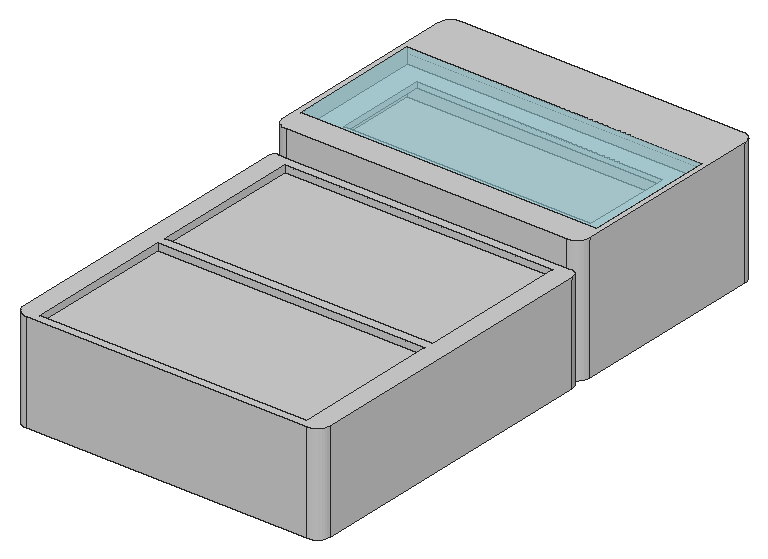
Revit family "Building-QuadriIEC309-GEWISS-68QDIN-QUADRI-PRESE-10MOD_2PRESE_IB_ORIZ", category Apparecchi elettrici, host Superficie, Revit 2019
Family settings
  Host = Superficie
  Mantenere orientamento annotazione = Sì
  Quota connettore circolare = Usa diametro
  Tipo di parte = Normale
  Taglio con vuoti quando caricato = No
  Condiviso = No
  Punto di calcolo locali = Sì
Parameters (values of type "GW68019N - Q-DIN 10M 2FLANGE PR.BL.OR.SBF IP65")
  visibilita posizionamento 2d [instance] = yes
  simbolo 2d [instance] = yes
  oggetto in pianta [instance] = not(visibilita posizionamento 2d)  # no
  distanza_simbolo [instance] = 0.1 mm
  bordo acceso [instance] = yes
  Visibilità sportello [instance] = yes
  Versione file RFA = "21.5"
  VETRO = Vetro
  URL = "https://www.gewiss.com/it/it"
  Tipologia di installazione = "Da parete"
  Tipo versione = "Vuoto"
  Termopressione con biglia = "70 °C"
  Temperatura di utilizzo = "-25 +40 °C"
  Temperatura di funzionamento = "-25 ÷ +40 °C"
  Spostamento_effettivo_S [instance] = 4000 mm - Spostamento_S  # 3000 mm
  Spostamento_S = 1000 mm
  Simbolo_quadro [instance] = not(simbolo 2d)  # no
  Scheda Tecnica = "https://www.gewiss.com/it/it/search?q=GW68019N"
  STRUTTURA ALTA = Poche
  STRUTTURA = RAL - 7035
  SEO = "Quadretto"
  Resistenza agli urti = "IK08"
  Default Elevation = 1219.2 mm
  Produttore = "GEWISS S.p.A."
  Potenza dissipabile B (W) = "42"
  Potenza dissipabile A (W) = "16"
  Per prese: = "Orizzontali SBF"
  PRESA = rosso
  POMELLO = bianco
  N_Moduli = 10 mm
  N. prese alloggiabili = "2 IB Orizz. 16/32 A SBF IP44 sovrapposte"
  N. prese IB alloggiabili: = "2 IB Orizz. 16/32 A SBF IP44 sovrapposte"
  N. mod. EN 50022 = "10"
  N. flange in dotazione = "1 IB 16/32 A"
  N. coperchi ciechi in dotazione = "1 IB 16/32 A"
  N. IEC 309/IB alloggiabili = "2 IB Orizz. 16/32 A SBF IP44 sovrapposte"
  Modello = "GW68019N"
  L_Moduli = N_Moduli * 19  # 190 mm
  Immagine tipo = GW68019N.jpg
  IDT = "114d2dfb-0707-4ed9-bd87-27b65067bb37"
  IDF = "1b2a00b3-6678-44fd-8325-a61f78b23469"
  Grado di protezione = "IP65"
  Glow Wire Test = "650°C"
  Descrizione = "Q-DIN 10M 2FLANGE PR.BL.OR.SBF IP65"
  Creato da GEWISS S.p.A. = ""
  ConformitÃ  normativa = "EN 60208 - EN 60670-1 - IEC 60670-24"
  Colore = "Grigio RAL 7035"
  Codice Electrocod = "2242"
  Codice EAN = "8011564744875"
  Classe isolamento = "II"
  Catalogo Serie = "68 QDIN"
  Catalogo = "BUILDING"
  COBie.Tagnumber = ""
  COBie.CreatedOn = ""
  COBie.CreatebBy = ""
  COBie.ComponentRegisterItemID = ""
  COBie.Component.TagNumber = ""
  COBie.Component.Space = ""
  COBie.Component.SerialNumber = ""
  COBie.Component.InstallationDate = ""
  COBie.Component.Description = ""
  COBie.Component.BarCode = ""
Reference planes
  plane 1 "Centro (Fronte/Retro)": y = 0
  plane 2: z = 0
  plane 3 "Centro (Sinistra/Destra)": x = 0
  plane 4: x = -3000
  plane 5: x = 0
Forms (mm)
  Extrusion 1, solid, material "RAL - 7035" <- "STRUTTURA", detail levels coarse
    sketch origin (0, 0, 0) x (0, 1, 0) y (0, 0, 1)
      loop
        line (0, 96) -> (0, 0) -> (429, 0) -> (429, 96) -> (0, 96)
    from -117.5 to 117.5
Lines and regions (mm)
  Masking region 1, visible <- "visibilita posizionamento 2d"
    outline origin (0, 0, 0) x (1, 0, 0) y (0, 0, 1)
      loop
        line (-117.5, 0) -> (117.5, 0) -> (117.5, 96) -> (-117.5, 96) -> (-117.5, 0)
Dimensions and locks
  plane 4 to plane 3 "Centro (Sinistra/Destra)" = 3000 mm
  "Spostamento_effettivo_S": plane 4 to plane 5
  aligned and locked: plane 2 to host face
  aligned and locked: level to host face
  aligned and locked: nested 1 to plane 5
  aligned and locked: nested 3 to plane 5
  aligned and locked: Extrusion 1 sketch curve to nested 2
  aligned and locked: plane 1 "Centro (Fronte/Retro)" to nested 2
  aligned and locked: nested 2 to plane 5
  aligned and locked: Extrusion 1 to nested 2  (x2)
  aligned and locked: Masking region 1 to nested 2  (x2)
Automatic sketch dimensions
  host sketch curve to host sketch curve = 2438.4 mm  (x2)
  Extrusion 1 sketch curve to level = 0 mm
  Extrusion 1 sketch curve to plane 1 "Centro (Fronte/Retro)" = 0 mm
  Extrusion 1 sketch curve to plane 1 "Centro (Fronte/Retro)" = 429 mm
  Masking region 1 sketch curve to level = 0 mm
  Masking region 1 sketch curve to plane 3 "Centro (Sinistra/Destra)" = 117.5 mm
  plane 3 "Centro (Sinistra/Destra)" to Masking region 1 sketch curve = 117.5 mm
  Masking region 1 sketch curve to Masking region 1 sketch curve = 96 mm
Nested families
  nested 1: "CENTRALINO" at (0, 737.795, 0), BORDO ACCESO <- "bordo acceso", SIMBOLO ACCESO <- "simbolo 2d", Distanza dal muro <- "distanza_simbolo", visible <- "simbolo 2d", type "CENTRALINO"
    with SIMBOLO ACCESO yes, Distanza dal muro 0.1 mm, BORDO ACCESO yes
  nested 2: "base__68QDIN10 QUADRO DISTRIBUZ X 2 PRESE IND ORIZ" at (0, 249, 0), type "base__68QDIN10 QUADRO DISTRIBUZ X 2 PRESE IND ORIZ", detail levels medium+fine
  nested 3: "simb_CENTRALINO_BASE_cad pro" at (0, 737.795, 0), Distanza dal muro <- "distanza_simbolo", visible <- "Simbolo_quadro", SIMBOLO ACCESO <- "Simbolo_quadro", type "simb_CENTRALINO_BASE_cad pro"
    with SIMBOLO ACCESO no, Distanza dal muro 0.1 mm, BORDO ACCESO yes
Definition of nested family "base__68QDIN10 QUADRO DISTRIBUZ X 2 PRESE IND ORIZ"
  Parameters (values of type "base__68QDIN10 QUADRO DISTRIBUZ X 2 PRESE IND ORIZ")
    n_moduli = 105 mm
    h_moduli = 70 mm
    Vetro = none
    Struttura = none
    Spessore = 96 mm
    Default Elevation = 14 mm
    Presa = none
    Larghezza = 235 mm
    IFC.TypeObject = ""
    IFC.ExportType = ""
    IFC.ExportAs = ""
    H_da terra = 589.057 mm
    COBie.CreatedOn = ""
    COBie.CreatebBy = ""
    COBie.ComponentRegisterItemID = ""
    COBie.Component.TagNumber = ""
    COBie.Component.Space = ""
    COBie.Component.SerialNumber = ""
    COBie.Component.InstallationDate = ""
    COBie.Component.Description = ""
    COBie.Component.BarCode = ""
    Altezza scatole = 350 mm
    Altezza quadro = 150 mm
    Altezza = 258 mm
  Reference planes
    plane 1 "Centro (Fronte/Retro)": y = 0
    plane 2: z = 0
    plane 3 "Centro (Sinistra/Destra)": x = 0
    plane 4: z = 62.089
    plane 5: z = 103.126
    plane 6: z = 76.196
    plane 7: x = -117.5
    plane 8: x = 117.5
    plane 9: x = -113.5
    plane 10: x = 113.5
    plane 11: y = 123.21
    plane 12: y = 21.246
    plane 13: y = 0
    plane 14: y = -129.5
    plane 15: y = -242.621
    plane 16: y = -122.3
    plane 17: y = -7.3
    plane 18: y = -249
    plane 19: y = 168
    plane 20: z = 71.196
    plane 21: y = 109
    plane 22: y = 39
    plane 23: x = -52.5
    plane 24: x = 52.5
    plane 25: z = 92.059
    plane 26: z = 96
    plane 27 "posizionamento moduli": z = 84.734
    plane 28: z = 80.558
    plane 29: y = 74
  Forms (mm)
    Extrusion 1, solid, material <- "Struttura"
      sketch origin (0, -857.311, 0) x (1, 0, 0) y (0, 1, 0)
        loop
          arc (-107.5, 1025.311) -> (-114.571, 1022.382) -> (-117.5, 1015.311) r 10
          line (-117.5, 1015.311) -> (-117.5, 867.311)
          arc (-117.5, 867.311) -> (-114.571, 860.24) -> (-107.5, 857.311) r 10
          line (-107.5, 857.311) -> (107.5, 857.311)
          arc (107.5, 857.311) -> (114.571, 860.24) -> (117.5, 867.311) r 10
          line (117.5, 867.311) -> (117.5, 1015.311)
          arc (117.5, 1015.311) -> (114.571, 1022.382) -> (107.5, 1025.311) r 10
          line (107.5, 1025.311) -> (-107.5, 1025.311)
      from 0 to 96
    Extrusion 2, solid, material <- "Struttura"
      sketch origin (0, -857.311, 0) x (1, 0, 0) y (0, 1, 0)
        loop
          line (109.95, 857.311) -> (-113.88, 857.311)
          arc (-113.88, 857.311) -> (-116.44, 856.251) -> (-117.5, 853.691) r 3.62
          line (-117.5, 853.691) -> (-117.5, 618.311)
          arc (-117.5, 618.311) -> (-114.571, 611.24) -> (-107.5, 608.311) r 10
          line (-107.5, 608.311) -> (107.5, 608.311)
          arc (107.5, 608.311) -> (114.571, 611.24) -> (117.5, 618.311) r 10
          line (117.5, 618.311) -> (117.5, 849.76)
          arc (117.5, 849.76) -> (115.289, 855.099) -> (109.95, 857.311) r 7.55
      from 0 to 76.196
    Extrusion 3, void
      sketch origin (0, -857.311, 0) x (1, 0, 0) y (0, 1, 0)
        loop
          line (-113.5, 980.52) -> (-113.5, 878.557) -> (113.5, 878.557) -> (113.5, 980.52) -> (-113.5, 980.52)
      from 62.089 to 96
    Extrusion 4, solid, material <- "Vetro", detail levels fine
      sketch origin (0, -857.311, 0) x (1, 0, 0) y (0, 1, 0)
        loop
          line (-113.5, 980.52) -> (-113.5, 878.557) -> (113.5, 878.557) -> (113.5, 980.52) -> (-113.5, 980.52)
      from 92.059 to 96
    Extrusion 5, void
      sketch origin (0, -857.311, 0) x (1, 0, 0) y (0, 1, 0)
        loop
          line (-102.506, 850.011) -> (-102.506, 735.011) -> (102.506, 735.011) -> (102.506, 850.011) -> (-102.506, 850.011)
      from 71.196 to 76.196
    Extrusion 6, void
      sketch origin (0, -992.311, 0) x (1, 0, 0) y (0, 1, 0)
        loop
          line (-102.506, 862.811) -> (-102.506, 749.689) -> (102.506, 749.689) -> (102.506, 862.811) -> (-102.506, 862.811)
      from 71.196 to 76.196
    Extrusion 7, void
      sketch origin (0, 0, 0) x (1, 0, 0) y (0, 1, 0)
        loop
          line (-52.5, 39) -> (52.5, 39) -> (52.5, 109) -> (-52.5, 109) -> (-52.5, 39)
      from 80.558 to 84.734
    Extrusion 8, solid
      sketch origin (0, 0, 0) x (1, 0, 0) y (0, 1, 0)
        loop
          line (-113.5, 123.21) -> (-113.5, 21.246) -> (113.5, 21.246) -> (113.5, 123.21) -> (-113.5, 123.21)
      from 80.558 to 84.734
  Cuts and joins
    Extrusion 3 cuts Extrusion 1
    Extrusion 5, Extrusion 6 cuts Extrusion 2
    Extrusion 7 cuts Extrusion 8
    Extrusion 7 cuts Extrusion 4
  Lines and regions (mm)
    model lines
      curve 1: line (-52.5, 74, 84.734) -> (52.5, 74, 84.734)
  Dimensions and locks
    locked: plane 4 to plane 5 at 41.036
    locked: plane 7 to plane 9 at 4
    locked: plane 10 to plane 8 at 4
    equal spacing: plane 7, plane 3 "Centro (Sinistra/Destra)", plane 8
    "Larghezza": plane 7 to plane 8
    locked: plane 13 to plane 17 at 7.3
    locked: plane 16 to plane 14 at 7.2
    plane 1 "Centro (Fronte/Retro)" to plane 19 = 168 mm
    plane 18 to plane 13 = 249 mm
    plane 12 to plane 1 "Centro (Fronte/Retro)" = 21.246 mm
    plane 11 to plane 19 = 44.79 mm
    locked: plane 6 to plane 20 at 5
    locked: plane 19 to plane 21 at 59
    "h_moduli": plane 21 to plane 22
    equal spacing: plane 23, plane 3 "Centro (Sinistra/Destra)", plane 24
    "n_moduli": plane 23 to plane 24
    locked: plane 26 to plane 25 at 3.941
    plane 6 to plane 2 = 76.196 mm
    locked: plane 25 to plane 27 "posizionamento moduli" at 7.325
    locked: plane 27 "posizionamento moduli" to plane 28 at 4.176
    equal spacing: plane 21, plane 29, plane 22
    plane 17 to plane 16 = 115 mm
    plane 14 to plane 15 = 113.121 mm
    radius of Extrusion 2 sketch curve = 10 mm  (x2)
    radius of Extrusion 2 sketch curve = 3.62 mm
    radius of Extrusion 2 sketch curve = 7.55 mm
    radius of Extrusion 1 sketch curve = 10 mm  (x4)
    aligned and locked: level to plane 2
    aligned and locked: cut or joined group of Extrusion 1, Extrusion 3 to plane 4  (x2)
    aligned and locked: Extrusion 2 to plane 6
    aligned and locked: plane 7 to Extrusion 2 sketch curve
    aligned and locked: plane 8 to Extrusion 2 sketch curve
    aligned and locked: plane 8 to Extrusion 1 sketch curve
    aligned and locked: plane 7 to Extrusion 1 sketch curve
    aligned and locked: Extrusion 4 sketch curve to plane 9
    aligned and locked: Extrusion 4 sketch curve to plane 10
    aligned and locked: Extrusion 3 sketch curve to plane 9
    aligned and locked: Extrusion 3 sketch curve to plane 10
    aligned and locked: Extrusion 4 sketch curve to plane 11
    aligned and locked: plane 12 to Extrusion 4 sketch curve
    aligned and locked: Extrusion 3 sketch curve to plane 11
    aligned and locked: plane 12 to Extrusion 3 sketch curve
    aligned and locked: plane 13 to Extrusion 1 sketch curve
    aligned and locked: Extrusion 2 sketch curve to plane 13
    aligned and locked: plane 18 to Extrusion 2 sketch curve
    aligned and locked: Extrusion 5 to plane 16
    aligned and locked: plane 17 to Extrusion 5
    aligned and locked: plane 1 "Centro (Fronte/Retro)" to plane 13
    aligned and locked: plane 19 to Extrusion 1 sketch curve
    aligned and locked: Extrusion 6 to plane 20
    aligned and locked: Extrusion 6 to plane 6
    aligned and locked: Extrusion 5 to plane 20
    aligned and locked: Extrusion 5 to plane 6
    aligned and locked: Extrusion 7 sketch curve to plane 23
    aligned and locked: Extrusion 7 sketch curve to plane 21
    aligned and locked: Extrusion 7 sketch curve to plane 22
    aligned and locked: Extrusion 7 sketch curve to plane 24
    aligned and locked: plane 26 to cut or joined group of Extrusion 1, Extrusion 3
    aligned and locked: plane 27 "posizionamento moduli" to Extrusion 7
    aligned and locked: Extrusion 7 to plane 28
    aligned and locked: Extrusion 8 sketch curve to plane 11
    aligned and locked: Extrusion 8 sketch curve to plane 12
    aligned and locked: Extrusion 8 to plane 28
    aligned and locked: plane 27 "posizionamento moduli" to Extrusion 8
    aligned and locked: Extrusion 8 sketch curve to Extrusion 4  (x2)
    aligned and locked: plane 29 to curve 1
    aligned and locked: plane 14 to Extrusion 6
    aligned and locked: plane 15 to cut or joined group of Extrusion 2, Extrusion 5, Extrusion 6  (x2)
  Automatic sketch dimensions
    Extrusion 5 sketch curve to plane 9 = 10.994 mm
    plane 10 to Extrusion 5 sketch curve = 10.994 mm
    plane 1 "Centro (Fronte/Retro)" to Extrusion 5 sketch curve = 122.3 mm
    plane 1 "Centro (Fronte/Retro)" to Extrusion 5 sketch curve = 7.3 mm
    Extrusion 6 sketch curve to plane 9 = 10.994 mm
    plane 10 to Extrusion 6 sketch curve = 10.994 mm
    plane 1 "Centro (Fronte/Retro)" to Extrusion 6 sketch curve = 242.621 mm
    Extrusion 6 sketch curve to Extrusion 6 sketch curve = 113.121 mm
    curve 1 to plane 24 = 0 mm
    curve 1 to plane 23 = 0 mm
Definition of nested family "CENTRALINO"
  Parameters (values of type "CENTRALINO")
    SIMBOLO ACCESO [instance] = yes
    Distanza dal muro [instance] = 0 mm
    BORDO ACCESO [instance] = yes
  Reference planes
    plane 1: y = 0
    plane 2: x = 0
  Dimensions and locks
    "Distanza dal muro": plane 1 to nested 1
    aligned and locked: plane 2 to nested 1
  Nested families
    nested 1: "CENTRALINO_BASE" at (0, 0, 0), BORDO ACCESO <- "BORDO ACCESO", visible <- "SIMBOLO ACCESO", type "CENTRALINO"
      with BORDO ACCESO yes
  Definition of nested family "CENTRALINO_BASE"
    Parameters (values of type "CENTRALINO")
      Distanza dal muro = 0 mm
      BORDO ACCESO [instance] = yes
    Reference planes
      plane 1: y = 0
      plane 2: x = 0
    Lines and regions (mm)
      detail lines, visible <- "BORDO ACCESO", not visible
        curve 1: line (-2.443, 10.208, 0) -> (2.057, 10.208, 0)
        curve 2: line (2.057, 10.208, 0) -> (2.057, 4.208, 0)
        curve 3: line (2.057, 4.208, 0) -> (-2.443, 4.208, 0)
        curve 4: line (-2.443, 4.208, 0) -> (-2.443, 10.208, 0)
        curve 5: line (-2.043, 9.808, 0) -> (1.657, 9.808, 0)
        curve 6: line (1.657, 9.808, 0) -> (1.657, 4.608, 0)
        curve 7: line (1.657, 4.608, 0) -> (-2.043, 4.608, 0)
        curve 8: line (-2.043, 4.608, 0) -> (-2.043, 9.808, 0)
      detail lines
        curve 9: line (0, 0.671, 0) -> (0, 0, 0)
        curve 10: line (0.659, 0.671, 0) -> (0.659, 1.33, 0)
        curve 11: line (0.659, 1.33, 0) -> (-0.659, 1.33, 0)
        curve 12: line (-0.659, 1.33, 0) -> (-0.659, 0.671, 0)
        curve 13: line (-0.659, 0.671, 0) -> (0.659, 0.671, 0)
        curve 14: line (0.497, 1.33, 0) -> (0.497, 2, 0)
        curve 15: line (0.167, 1.33, 0) -> (0.167, 2, 0)
        curve 16: line (-0.162, 1.33, 0) -> (-0.162, 2, 0)
        curve 17: line (-0.491, 1.33, 0) -> (-0.491, 2, 0)
Definition of nested family "simb_CENTRALINO_BASE_cad pro"
  Parameters (values of type "simb_CENTRALINO_BASE_cad pro")
    SIMBOLO ACCESO [instance] = yes
    Distanza dal muro [instance] = 0 mm
    BORDO ACCESO [instance] = yes
  Reference planes
    plane 1: y = 0
    plane 2: x = 0
  Dimensions and locks
    "Distanza dal muro": plane 1 to nested 1
    aligned and locked: plane 2 to nested 1
  Nested families
    nested 1: "CENTRALINO_BASE_cad pro" at (0, 0, 0), type "CENTRALINO"
  Definition of nested family "CENTRALINO_BASE_cad pro"
    Parameters (values of type "CENTRALINO")
      Distanza dal muro = 0 mm
    Reference planes
      plane 1: y = 0
      plane 2: x = 0
    Lines and regions (mm)
      detail lines
        curve 1: line (1.33, 1.33, 0) -> (2.109, 1.33, 0)
        curve 2: line (2.109, 1.33, 0) -> (2.109, 0, 0)
        curve 3: line (2.109, 0, 0) -> (1.33, 0, 0)
        curve 4: line (1.33, 0, 0) -> (-1.33, 1.33, 0)
        curve 5: line (-1.33, 1.33, 0) -> (1.33, 1.33, 0)
        curve 6: line (1.33, 1.33, 0) -> (1.33, 0, 0)
        curve 7: line (1.33, 0, 0) -> (-1.33, 0, 0)
        curve 8: line (-1.33, 0, 0) -> (-1.33, 1.33, 0)
        curve 9: line (1.461, 0.665, 0) -> (1.977, 0.665, 0)
        curve 10: line (1.719, 0.665, 0) -> (1.719, 1.01, 0)
        curve 11: arc (1.977, 0.406, 0) -> (1.719, 0.665, 0) -> (1.461, 0.406, 0) r 0.258
